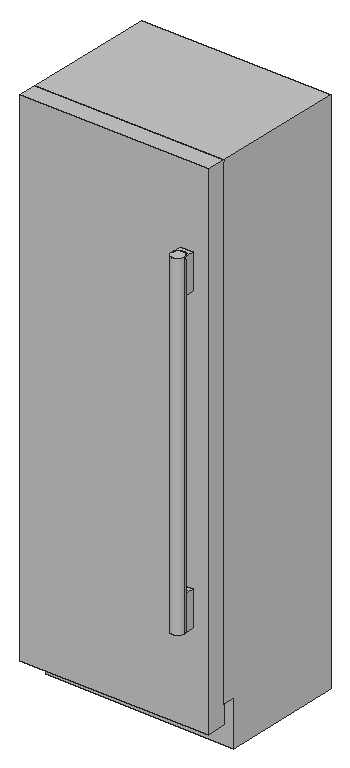
Revit family "T30IF905SP", category Specialty Equipment, Revit 2015
Parameters (values of type "T30IF905SP")
  Width = 756 mm
  Unit = Stainless Steel
  URL = "http://www.thermador.com/"
  Handle = Stainless Steel
  Model = "T30IF905SP"
  Manufacturer = "Thermador"  # constant formula
  Height = 2134 mm
  Description = "30-INCH BUILT-IN FREEZER COLUMN WITH INTERNAL ICE MAKER"
  Depth = 610 mm
Reference planes
  plane 1 "Center (Front/Back)": y = 0
  plane 2: z = 0
  plane 3 "Center (Left/Right)": x = 0
  plane 4: y = 305
  plane 5: y = -305
  plane 6: x = -378
  plane 7: x = 378
  plane 8: z = 2134
  plane 9: y = -228.8
  plane 10: z = 180.975
  plane 11: z = 105
Forms (mm)
  Extrusion 1, solid, material "Stainless Steel" <- "Unit"
    sketch origin (-190.5, -149.225, 0) x (0, 1, 0) y (0, 0, -1)
      loop
        line (454.225, 0) -> (-28.775, 0) -> (-28.775, -180.975) -> (-79.575, -180.975) -> (-79.575, -2134) -> (454.225, -2134) -> (454.225, 0)
    from 147.021 to 187.5
  Extrusion 2, solid, material "Stainless Steel" <- "Unit"
    sketch origin (190.5, -149.225, 0) x (0, 1, 0) y (0, 0, 1)
      loop
        line (454.225, 0) -> (454.225, 2134) -> (-79.575, 2134) -> (-79.575, 180.975) -> (-28.775, 180.975) -> (-28.775, 0) -> (454.225, 0)
    from 147.021 to 187.5
  Extrusion 3, solid, material "Stainless Steel" <- "Unit"
    sketch origin (-190.5, -149.225, 0) x (0, 1, 0) y (0, 0, -1)
      loop
        line (454.225, 0) -> (420.119, 0) -> (420.119, -2089.55) -> (-79.575, -2089.55) -> (-79.575, -2134) -> (454.225, -2134) -> (454.225, 0)
    from -528.021 to 147.021
  Extrusion 4, solid, material "Stainless Steel" <- "Unit"
    sketch origin (0, 0, 0) x (1, 0, 0) y (0, 0, 1)
      loop
        line (-378, 105) -> (378, 105) -> (378, 2134) -> (-378, 2134) -> (-378, 105)
    from 228.8 to 305
  Extrusion 5, solid, material "Stainless Steel" <- "Unit"
    sketch origin (-190.5, -149.225, 0) x (0, 1, 0) y (0, 0, -1)
      loop
        line (-79.575, -180.975) -> (-79.575, -212.725) -> (2.975, -212.725) -> (2.975, -28.575) -> (420.119, -28.575) -> (420.119, 0) -> (-28.775, 0) -> (-28.775, -180.975) -> (-79.575, -180.975)
    from -528.021 to 147.021
  Extrusion 6, solid, material "Stainless Steel" <- "Handle"
    sketch origin (44.45, 0, 0) x (1, 0, 0) y (0, 1, 0)
      loop
        circle (246.533, -350.302) r 25.4
    from 465.253 to 1815.297
  Extrusion 7, solid, material "Stainless Steel" <- "Handle"
    sketch origin (44.45, 0, 0) x (1, 0, 0) y (0, 1, 0)
      loop
        arc (221.805, -343.314) -> (246.931, -323.151) -> (271.695, -343.757) r 25.457
        line (271.695, -343.757) -> (267.97, -305) -> (225.831, -305) -> (221.805, -343.314)
    from 1673.729 to 1815.297
  Extrusion 8, solid, material "Stainless Steel" <- "Handle"
    sketch origin (44.45, 0, -1208.881) x (0, -1, 0) y (1, 0, 0)
      loop
        arc (343.314, 221.805) -> (323.151, 246.931) -> (343.757, 271.695) r 25.457
        line (343.757, 271.695) -> (305, 267.97) -> (305, 225.831) -> (343.314, 221.805)
    from 1673.729 to 1815.297
Cuts and joins
  joined: Extrusion 1, Extrusion 2, Extrusion 3, Extrusion 5
Dimensions and locks
  equal spacing: plane 6, plane 3 "Center (Left/Right)", plane 7
  "Width": plane 6 to plane 7
  equal spacing: plane 4, plane 1 "Center (Front/Back)", plane 5
  "Depth": plane 4 to plane 5
  "Height": plane 8 to plane 2
  plane 9 to plane 5 = 76.2 mm
  plane 10 to plane 2 = 180.975 mm
  plane 11 to plane 2 = 105 mm
  plane 8 to plane 11 = 2029 mm  (x2)
  aligned and locked: level to plane 2
Automatic sketch dimensions
  Extrusion 1 sketch curve to plane 9 = 0 mm
  Extrusion 1 sketch curve to level = 0 mm
  Extrusion 1 sketch curve to plane 10 = 0 mm
  Extrusion 1 sketch curve to plane 4 = 0 mm
  Extrusion 1 sketch curve to plane 8 = 0 mm
  plane 9 to Extrusion 1 sketch curve = 50.8 mm
  Extrusion 2 sketch curve to plane 9 = 0 mm
  Extrusion 2 sketch curve to level = 0 mm
  Extrusion 2 sketch curve to plane 10 = 0 mm
  Extrusion 2 sketch curve to plane 4 = 0 mm
  Extrusion 2 sketch curve to plane 8 = 0 mm
  plane 9 to Extrusion 2 sketch curve = 50.8 mm
  Extrusion 3 sketch curve to plane 8 = 0 mm
  Extrusion 3 sketch curve to plane 9 = 0 mm
  Extrusion 3 sketch curve to level = 0 mm
  Extrusion 3 sketch curve to plane 4 = 0 mm
  Extrusion 3 sketch curve to plane 4 = 34.106 mm
  Extrusion 3 sketch curve to plane 8 = 44.45 mm
  Extrusion 4 sketch curve to plane 6 = 0 mm
  Extrusion 4 sketch curve to plane 7 = 0 mm
  Extrusion 4 sketch curve to plane 8 = 0 mm
  Extrusion 4 sketch curve to plane 11 = 0 mm
  Extrusion 5 sketch curve to plane 9 = 0 mm
  Extrusion 5 sketch curve to plane 10 = 0 mm
  Extrusion 5 sketch curve to level = 0 mm
  Extrusion 5 sketch curve to Extrusion 5 sketch curve = 50.8 mm
  Extrusion 5 sketch curve to Extrusion 5 sketch curve = 31.75 mm  (x2)
  Extrusion 5 sketch curve to plane 4 = 34.106 mm
  level to Extrusion 5 sketch curve = 28.575 mm
  Extrusion 6 sketch curve to plane 5 = 45.302 mm
  Extrusion 6 sketch curve to plane 7 = 87.017 mm
  Extrusion 7 sketch curve to plane 5 = 0 mm
  Extrusion 7 sketch curve to plane 5 = 38.314 mm
  Extrusion 7 sketch curve to plane 7 = 111.745 mm
  Extrusion 7 sketch curve to Extrusion 7 sketch curve = 4.027 mm
  Extrusion 7 sketch curve to Extrusion 7 sketch curve = 24.9 mm
  Extrusion 7 sketch curve to Extrusion 7 sketch curve = 42.138 mm
  Extrusion 7 sketch curve to plane 5 = 38.757 mm
  Extrusion 7 sketch curve to Extrusion 7 sketch curve = 24.991 mm
  Extrusion 8 sketch curve to plane 5 = 0 mm
  Extrusion 8 sketch curve to plane 5 = 38.314 mm
  Extrusion 8 sketch curve to plane 5 = 38.757 mm
  Extrusion 8 sketch curve to Extrusion 8 sketch curve = 4.849 mm
  Extrusion 8 sketch curve to plane 7 = 111.745 mm
  Extrusion 8 sketch curve to Extrusion 8 sketch curve = 4.027 mm
  Extrusion 8 sketch curve to Extrusion 8 sketch curve = 24.9 mm
  Extrusion 8 sketch curve to Extrusion 8 sketch curve = 3.726 mm
  radius of Extrusion 6 sketch curve = 25.4 mm
